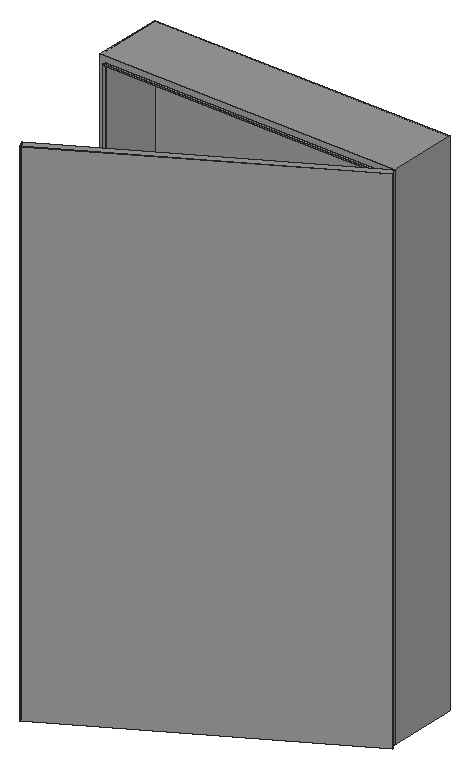
Revit family "Hager-Univers-IP54-D205-H1400-Cl.I-Encl-NoHosted-CH-fr", category Electrical Equipment, Revit 2020
Family settings
  Panel Configuration = Two Columns, Circuits Across
  Round Connector Dimension = Use Diameter
  Part Type = Panelboard
  Work Plane-Based = Yes
  Always vertical = Yes
  Cut with Voids When Loaded = No
  Shared = No
  Room Calculation Point = No
Parameters (values of type "saillie IP54 L800 H1400 P205  - FP93TW2")
  Width Control [instance] = if([EF000008 - largeur] > Min Width, [EF000008 - largeur], Min Width)  # 800 mm
  Type Comments = [HG000003 - Gamme]  # "Univers"
  Thickness Door [instance] = if([EF009171 - épaisseur de matériau de la porte/du couvercle] > 3 mm, 3 mm, [EF009171 - épaisseur de matériau de la porte/du couvercle])  # 1 mm
  Seal Frame Offset [instance] = 17 mm  # constant formula
  Plinth Visibility [instance] = [HG000027 - Hauteur du socle] > 0 mm  # no
  Min Width [instance] = 100 mm  # constant formula
  Min Depth [instance] = (2 * [EF009170 - épaisseur de matériau du boîtier]) + 1 mm  # 3 mm
  Min Height [instance] = 100 mm  # constant formula
  Internal Frame Depth [instance] = (Door System Depth * 0.5)  # 9 mm
  Panel Name [instance] = ""  # (empty or 0)
  Model = ""
  HG000027 - Hauteur du socle = 0 mm
  HG000026 - Installation au sol = no
  HG000024 - Hauteur de la section basse = 600 mm
  HG000023 - Armoire double section = no
  HG000016 - Visibilité de la porte 3D [instance] = yes
  HG000015 - Visibilité de l'emprise de la porte [instance] = no
  HG000014 - Porte à droite [instance] = yes
  HG000013 - Porte à gauche [instance] = not([HG000014 - Porte à droite])  # no
  HG000012 - Angle de pivotement de la porte [instance] = 30.00°
  HG000010 - Portes asymétriques = no
  HG000009 - Porte à double battant = no
  HG000006 - Encastré = no
  HG000004 - Référence fabricant = "FP93TW2"
  HG000003 - Gamme = "Univers"
  HG000002 - avec porte = yes
  Frame Offset Bottom [instance] = 10 mm  # constant formula
  Frame Offset [instance] = 15 mm  # constant formula
  EF015940 - couvercle avec décharge de pression = no
  EF011959 - degré de protection (NEMA) = ""
  EF009554 - nombre d'ouvertures pour plaques à bride = 6
  EF009212 - finition du couvercle = "EV000116 - fermé"
  EF009171 - épaisseur de matériau de la porte/du couvercle = 1 mm
  EF009170 - épaisseur de matériau du boîtier = 1 mm
  EF008873 - courant nominal (In) = 250 A
  EF007800 - adapté à un parafoudre = no
  EF006306 - avec serrure = no
  EF006244 - couvercle/porte transparent(e) = no
  EF005474 - indice de protection (IP) = "EV006419 - IP54"
  EF004464 - type de porte = "EV002646 - unique"
  EF004427 - nombre de modules = 324
  EF004293 - indice de protection contre les chocs (IK) = "EV006815 - IK09"
  EF003532 - convient pour utilisation à l’extérieur = no
  EF002950 - largeur en nombre de modules = 36
  EF001613 - maintien de fonction = "EV000494 - sans"
  EF001596 - matériau du boîtier/corps = "EV000179 - acier"
  EF001131 - profondeur intérieure = 130 mm
  EF001088 - possibilité de montage en saillie = yes
  EF000437 - nombre d'entrées de conduit = 6
  EF000339 - type de capot = "EV001012 - couvercle"
  EF000266 - nombre de rangées = 9
  EF000218 - profondeur d'encastrement = 205 mm
  EF000118 - avec cadre/support de montage = no
  EF000116 - numéro RAL = "9010"
  EF000049 - profondeur = 205 mm
  EF000040 - hauteur = 1400 mm
  EF000008 - largeur = 800 mm
  EF000007 - couleur = "EV000202 - blanc"
  EF000003 - mode de pose = "EV000384 - saillie"
  Door System Leaf Tolerance [instance] = 1.5 mm  # constant formula
  Door System Depth [instance] = 18 mm  # constant formula
  Door Height [instance] = Height Control - [HG000027 - Hauteur du socle]  # 1400 mm
  Description = ""
  Default Elevation = 1219.2 mm
  Connector Offset [instance] = Height Control / 2  # 700 mm
  Manufacturer = "Hager"  # constant formula
  Height Control [instance] = if([EF000040 - hauteur] > Min Height, [EF000040 - hauteur], Min Height)  # 1400 mm
  Depth Control [instance] = if([EF000049 - profondeur] > Min Depth, [EF000049 - profondeur], Min Depth)  # 205 mm
  Bottom Top Plate Trim [instance] = 1.5 mm  # constant formula
  Plinth height Ctrl [instance] = if([HG000027 - Hauteur du socle] > 0 mm, [HG000027 - Hauteur du socle], 12 mm)  # 12 mm
Types (5, lengths in mm): name | Width Control | HG000009 - Porte à double battant | HG000004 - Référence fabricant | EF009554 - nombre d'ouvertures pour plaques à bride | EF004464 - type de porte | EF004427 - nombre de modules | EF002950 - largeur en nombre de modules | EF000437 - nombre d'entrées de conduit | EF000008 - largeur
  saillie IP54 L1050 H1400 P205  - FP94TW2 | 1050 | no | "FP94TW2" | 8 | "EV003602 - double" | 432 | 48 | 8 | 1050
  saillie IP54 L1300 H1400 P205  - FP95TW2 | 1300 | yes | "FP95TW2" | 10 | "EV003602 - double" | 540 | 60 | 10 | 1300
  saillie IP54 L300 H1400 P205  - FP91TW2 | 300 | no | "FP91TW2" | 2 | "EV002646 - unique" | 108 | 12 | 2 | 300
  saillie IP54 L550 H1400 P205  - FP92TW2 | 550 | no | "FP92TW2" | 4 | "EV002646 - unique" | 216 | 24 | 4 | 550
  saillie IP54 L800 H1400 P205  - FP93TW2 | 800 | no | "FP93TW2" | 6 | "EV002646 - unique" | 324 | 36 | 6 | 800
Reference planes
  plane 1 "Center (Front/Back)": y = 0
  plane 2: z = 0
  plane 3 "Center (Left/Right)": x = 0
  plane 4: y = 0
  plane 5: y = 0
  plane 6: z = 0
  plane 7: x = -400
  plane 8: x = 400
  plane 9: x = 399
  plane 10: x = -399
  plane 11: z = 0
  plane 12: z = 1
  plane 13: y = -205
  plane 14: y = -1
  plane 15: x = 0
  plane 16: y = -187
  plane 17: y = -204
  plane 18: y = -186
  plane 19: x = -384
  plane 20: x = 384
  plane 21: z = 11
  plane 22: x = -383
  plane 23: x = 383
  plane 24: z = 0
  plane 25: z = 1400
  plane 26: z = 1400
  plane 27: z = 1384
  plane 28: z = 1399
Forms (mm)
  Extrusion 1, solid, material "Hager_Steel_RAL7035_Light_Grey", detail levels medium+fine
    sketch origin (-208.679, -4572, 0) x (-1, 0, 0) y (0, -1, 0)
      loop
        line (191.321, -4385) -> (-608.679, -4385) -> (-608.679, -4572) -> (191.321, -4572) -> (191.321, -4385)
    from 0 to 1400
  Extrusion 2, void
    sketch origin (-350.771, -205, 1219.2) x (1, 0, 0) y (0, 0, 1)
      loop
        line (-48.229, 179.8) -> (-48.229, -1218.2) -> (749.771, -1218.2) -> (749.771, 179.8) -> (-48.229, 179.8)
    from -19 to -204
  Extrusion 3, void
    sketch origin (-290.084, -187, 1219.2) x (1, 0, 0) y (0, 0, 1)
      loop
        line (-93.916, -1208.2) -> (674.084, -1208.2) -> (674.084, 164.8) -> (-93.916, 164.8) -> (-93.916, -1208.2)
    from 0 to -1
  Extrusion 4, solid, material "Hager_Steel_RAL7035_Light_Grey", visible <- "Plinth Visibility", detail levels medium+fine
    sketch origin (0, 0, 0) x (1, 0, 0) y (0, 1, 0)
      loop
        line (-400, 0) -> (-400, -187) -> (400, -187) -> (400, 0) -> (-400, 0)
    from 0 to 12 <- "Plinth height Ctrl"
  Extrusion 5, solid, material "Hager_Steel_RAL7035_Light_Grey", detail levels coarse
    sketch origin (0, 0, 0) x (1, 0, 0) y (0, 1, 0)
      loop
        line (-400, 0) -> (-400, -205) -> (400, -205) -> (400, 0) -> (-400, 0)
    from 0 to 1400 <- "Height Control"
  Sweep 6, void
    path in 3D
      loop
        line (-400, -187, 12) -> (400, -187, 12) -> (400, 0, 12) -> (-400, 0, 12) -> (-400, -187, 12)
    profile origin (-400, -93.5, 12) x (1, 0, 0) y (0, 0, 1)
      loop
        line (0, 0) -> (0, -1.5) -> (1.5, -1.5)
        arc (1.5, -1.5) -> (1.061, -0.439) -> (0, 0) r 1.5
  Extrusion 7, solid, material "Hager_Steel_RAL7035_Light_Grey", detail levels fine
    sketch origin (-400, -187, 0) x (1, 0, 0) y (0, 0, 1)
      loop
        line (16, 11) -> (784, 11) -> (784, 1384) -> (16, 1384) -> (16, 11)
      loop
        line (15, 10) -> (785, 10) -> (785, 1385) -> (15, 1385) -> (15, 10)
    from 0 to 9 <- "Internal Frame Depth"
Cuts and joins
  Extrusion 2, Extrusion 3 cuts Extrusion 1
  Sweep 6 cuts Extrusion 4
Lines and regions (mm)
  Masking region 1
    outline origin (0, 0, 0) x (1, 0, 0) y (0, 1, 0)
      loop
        line (-400, 0) -> (-400, -205) -> (400, -205) -> (400, 0) -> (-400, 0)
  Masking region 2, detail levels coarse
    outline origin (-290.084, -187, 1219.2) x (-1, 0, 0) y (0, 0, 1)
      loop
        line (-690.084, -1219.2) -> (109.916, -1219.2) -> (109.916, 180.8) -> (-690.084, 180.8) -> (-690.084, -1219.2)
  Masking region 3, detail levels coarse
    outline origin (0, 0, 0) x (0, 1, 0) y (0, 0, 1)
      loop
        line (0, 0) -> (0, 1400) -> (-205, 1400) -> (-205, 0) -> (0, 0)
  Masking region 4, visible <- "Plinth Visibility", detail levels medium+fine
    outline origin (0, 0, 0) x (0, 1, 0) y (0, 0, 1)
      loop
        line (-1.5, 12) -> (-185.5, 12)
        arc (-185.5, 12) -> (-185.939, 10.939) -> (-187, 10.5) r 1.5
        line (-187, 10.5) -> (-187, 0) -> (0, 0) -> (0, 10.5)
        arc (0, 10.5) -> (-1.061, 10.939) -> (-1.5, 12) r 1.5
  Masking region 5, detail levels medium+fine
    outline origin (0, 0, 594.038) x (0, 1, 0) y (0, 0, 1)
      loop
        line (0, -594.038) -> (0, 805.962) -> (-187, 805.962) -> (-187, -594.038) -> (0, -594.038)
  Masking region 6, detail levels medium+fine
    outline origin (-359.7, -187, 1211.883) x (-1, 0, 0) y (0, 0, 1)
      loop
        line (-759.7, -1211.883) -> (40.3, -1211.883) -> (40.3, 188.117) -> (-759.7, 188.117) -> (-759.7, -1211.883)
  Masking region 7, visible <- "Plinth Visibility", detail levels medium+fine
    outline origin (-320.334, -187, 1041.368) x (-1, 0, 0) y (0, 0, 1)
      loop
        line (-720.334, -1041.368) -> (79.666, -1041.368) -> (79.666, -1030.868)
        arc (79.666, -1030.868) -> (78.606, -1030.429) -> (78.166, -1029.368) r 1.5
        line (78.166, -1029.368) -> (-718.834, -1029.368)
        arc (-718.834, -1029.368) -> (-719.273, -1030.429) -> (-720.334, -1030.868) r 1.5
        line (-720.334, -1030.868) -> (-720.334, -1041.368)
  sketch lines
    curve 1: line (-400, 0, 12) -> (-400, -187, 12)
    curve 2: line (-400, -187, 12) -> (400, -187, 12)
    curve 3: line (400, 0, 12) -> (-400, 0, 12)
    curve 4: line (400, -187, 12) -> (400, 0, 12)
Dimensions and locks
  locked: plane 1 "Center (Front/Back)" to plane 5
  "EF009170 - épaisseur de matériau du boîtier": plane 7 to plane 10
  "EF009170 - épaisseur de matériau du boîtier": plane 8 to plane 9
  equal spacing: plane 7, plane 3 "Center (Left/Right)", plane 8
  "Width Control": plane 7 to plane 8
  "Depth Control": plane 4 to plane 13
  "EF009170 - épaisseur de matériau du boîtier": plane 4 to plane 14
  "Height Control": plane 25 to level
  "HG000027 - Hauteur du socle": plane 11 to level
  "EF009170 - épaisseur de matériau du boîtier": plane 12 to plane 11
  "EF009170 - épaisseur de matériau du boîtier": plane 17 to plane 13
  "EF009170 - épaisseur de matériau du boîtier": plane 18 to plane 16
  "Frame Offset Bottom": plane 21 to plane 12
  "Frame Offset": plane 10 to plane 19
  "Frame Offset": plane 9 to plane 20
  "Door System Depth": plane 16 to plane 13
  "Seal Frame Offset": plane 7 to plane 22
  "Seal Frame Offset": plane 8 to plane 23
  "EF009170 - épaisseur de matériau du boîtier": plane 26 to plane 28
  "Frame Offset": plane 28 to plane 27
  "Connector Offset": plane 2 to connector elem
  "Bottom Top Plate Trim": profile plane to Sweep 6 sketch curve
  "Bottom Top Plate Trim": Sweep 6 sketch curve to Sweep 6 sketch curve
  "Plinth height Ctrl": Masking region 4 sketch curve to level
  "Plinth height Ctrl": Masking region 7 sketch curve to level
  "Thickness Door": Extrusion 7 sketch curve to Extrusion 7 sketch curve  (x4)
  "Bottom Top Plate Trim": radius of Sweep 6 sketch curve
  "Bottom Top Plate Trim": radius of Masking region 4 sketch curve  (x2)
  "Bottom Top Plate Trim": radius of Masking region 7 sketch curve  (x2)
  aligned and locked: Extrusion 2 sketch curve to plane 12
  aligned and locked: Extrusion 2 sketch curve to plane 9
  aligned and locked: Extrusion 2 sketch curve to plane 10
  aligned and locked: Extrusion 2 to plane 14
  aligned and locked: Extrusion 1 sketch curve to plane 4
  aligned and locked: plane 8 to Extrusion 1 sketch curve
  aligned and locked: plane 7 to Extrusion 1 sketch curve
  aligned and locked: Extrusion 2 to plane 18
  aligned and locked: Extrusion 3 sketch curve to plane 19
  aligned and locked: plane 20 to Extrusion 3 sketch curve
  aligned and locked: Extrusion 3 to Extrusion 2
  aligned and locked: Extrusion 3 sketch curve to plane 21
  aligned and locked: plane 3 "Center (Left/Right)" to nested 1
  aligned and locked: Extrusion 1 sketch curve to plane 16
  aligned and locked: Extrusion 4 sketch curve to cut or joined group of Extrusion 1, Extrusion 2, Extrusion 3
  aligned and locked: Masking region 1 sketch curve to plane 7
  aligned and locked: Masking region 1 sketch curve to plane 5
  aligned and locked: Masking region 1 sketch curve to plane 8
  aligned and locked: Masking region 2 sketch curve to level
  aligned and locked: level to Masking region 3 sketch curve
  aligned and locked: plane 1 "Center (Front/Back)" to Masking region 3 sketch curve
  aligned and locked: plane 13 to Masking region 3 sketch curve
  aligned and locked: plane 5 to Masking region 4 sketch curve
  aligned and locked: Masking region 2 sketch curve to plane 8
  aligned and locked: Masking region 2 sketch curve to plane 7
  aligned and locked: plane 7 to nested 2
  aligned and locked: nested 2 to plane 5
  aligned and locked: plane 5 to Masking region 5 sketch curve
  aligned and locked: plane 26 to Masking region 5 sketch curve
  aligned and locked: Extrusion 5 sketch curve to plane 8
  aligned and locked: Extrusion 5 sketch curve to plane 7
  aligned and locked: Extrusion 5 sketch curve to plane 5
  aligned and locked: Extrusion 3 sketch curve to plane 27
  aligned and locked: Extrusion 2 sketch curve to plane 28
  aligned and locked: Masking region 2 to plane 25
  aligned and locked: Extrusion 4 to plane 16
  aligned and locked: profile plane to Sweep 6 sketch curve
  aligned and locked: Masking region 5 sketch curve to plane 24
  aligned and locked: level to Masking region 4 sketch curve
  aligned and locked: Masking region 1 to plane 13
  aligned and locked: nested 1 to plane 16
  aligned and locked: Masking region 3 to plane 25
  aligned and locked: plane 16 to Masking region 4 sketch curve
  aligned and locked: Masking region 5 sketch curve to plane 16
  aligned and locked: plane 24 to plane 11
  aligned and locked: plane 26 to plane 25
  aligned and locked: plane 26 to cut or joined group of Extrusion 1, Extrusion 2, Extrusion 3
  aligned and locked: nested 1 to plane 24
  aligned and locked: Extrusion 1 to Extrusion 3
  aligned and locked: Masking region 6 sketch curve to plane 8
  aligned and locked: Masking region 6 sketch curve to plane 24
  aligned and locked: Masking region 6 sketch curve to plane 7
  aligned and locked: Masking region 6 sketch curve to plane 26
  aligned and locked: Masking region 7 sketch curve to plane 7
  aligned and locked: level to Masking region 7 sketch curve
  aligned and locked: Masking region 7 sketch curve to plane 8
  aligned and locked: Extrusion 7 sketch curve to cut or joined group of Extrusion 1, Extrusion 2, Extrusion 3  (x4)
Automatic sketch dimensions
  plane 19 to Extrusion 3 sketch curve = 0 mm
  Extrusion 3 sketch curve to plane 20 = 0 mm
  Extrusion 3 sketch curve to plane 21 = 0 mm
  Extrusion 4 sketch curve to plane 7 = 0 mm
  Extrusion 4 sketch curve to plane 8 = 0 mm
  Extrusion 4 sketch curve to plane 16 = 0 mm
  Masking region 1 sketch curve to plane 13 = 0 mm
  Masking region 2 sketch curve to plane 25 = 0 mm
  Masking region 3 sketch curve to plane 25 = 0 mm
  Extrusion 5 sketch curve to plane 13 = 0 mm
  profile plane to Sweep 6 sketch curve = 0 mm
Nested families
  nested 1: "EC000058_Univers_Door" at (0, -187, 0), Double <- "HG000009 - Porte à double battant", Transparent <- "EF006244 - couvercle/porte transparent(e)", Angle <- "HG000012 - Angle de pivotement de la porte", Door_Right <- "HG000014 - Porte à droite", Assymetrical <- "HG000010 - Portes asymétriques", Door <- "HG000002 - avec porte", Width_Ctrl <- "Width Control", 3d_Door <- "HG000016 - Visibilité de la porte 3D", Clearance <- "HG000015 - Visibilité de l'emprise de la porte", Door_Left <- "HG000013 - Porte à gauche", Width <- "Width Control", Door_Depth <- "Door System Depth", Leaf_Tolerance <- "Door System Leaf Tolerance", Height <- "Door Height", Lock_Visibility <- "EF006306 - avec serrure", Thickness <- "Thickness Door", type "EC000058_Univers_Door", detail levels medium+fine
    with min_wh 3 mm, Width_Ctrl 800 mm, Width 800 mm, Transparent no, Thickness 1 mm, Seal_Material Hager_Rubber, Lock_Visibility no, Lock_Material Hager_Plastic_RAL9005_Jet_Black, Leaf_Width 800 mm, Leaf_Tolerance_External_Sides 0 mm, Leaf_Tolerance 1.5 mm, Leaf_Offset 0 mm, Leaf_Height 1397 mm, Leaf_2_Width 800 mm, Leaf_2_Offset 400 mm, Leaf_1_Width 800 mm, Leaf_1_Offset 400 mm, Height_Ctrl 1400 mm, Height 1400 mm, Glass_Material Hager_Glass, Double_Clearance_Ctrl no, Double no, Door_Right_Ctrl yes, Door_Right yes, Door_Material Hager_Steel_RAL7035_Light_Grey, Door_Left_Ctrl no, Door_Left no, Door_Depth 18 mm, Door yes, Clearance_Material Hager_Clearance, Clearance_Depth 800 mm, Clearance_Ctrl no, Clearance no, Assymetrical no, Angle 30.00°, 3d_Door yes
  nested 2: "Hager_Enclosure_Symbol" at (-400, 0, 0), Height <- "Depth Control", Width <- "Width Control", type "Hager_Enclosure_Symbol"
    with Width_Ctrl 800 mm, Width 800 mm, Height_Ctrl 205 mm, Height 205 mm, A_Width_Int 13.453 mm, A_Width 161.438 mm, A_Height_Ctrl 179.375 mm, A_Height 179.375 mm
Connectors
  electrical at (0, 0, 700)
    settings: on plane 1 "Center (Front/Back)", index 1, voltage 0 V, apparent load 0 VA, apparent load phase1 0 VA, apparent load phase2 0 VA, apparent load phase3 0 VA, power factor 1, load classification "Other", number of poles 1, system type 30, power factor state 1, is connector primary yes, connector utility no, sub classification motor no, connector description ""
Definition of nested family "EC000058_Univers_Door"
  Parameters (values of type "EC000058_Univers_Door")
    min_wh [instance] = (2 * Thickness) + 1 mm  # 11 mm
    Width_Ctrl [instance] = 400 mm
    Width [instance] = 500 mm
    Transparent [instance] = yes
    Thickness [instance] = 5 mm
    Seal_Material [instance] = none
    Lock_Visibility [instance] = yes
    Lock_Material [instance] = none
    Leaf_Width [instance] = if((Width_Ctrl - 2 * Leaf_Tolerance_External_Sides) > 0 mm, (Width_Ctrl - 2 * Leaf_Tolerance_External_Sides), min_wh)  # 400 mm
    Leaf_Tolerance_External_Sides [instance] = 0 mm  # constant formula
    Leaf_Tolerance [instance] = 1.5 mm
    Leaf_Offset [instance] = 0 mm  # constant formula
    Leaf_Height [instance] = if((Height_Ctrl - 2 * Leaf_Tolerance) > 0 mm, (Height_Ctrl - 2 * Leaf_Tolerance), min_wh)  # 497 mm
    Leaf_2_Width [instance] = if(and(and(Double, Assymetrical), Door_Left), (Leaf_Width / 3) - (Leaf_Tolerance / 2), if(and(and(Double, Assymetrical), Door_Right), (Leaf_Width / 3) * 2 - (Leaf_Tolerance / 2), if(and(Double, not(Assymetrical)), (Leaf_Width / 2) - Leaf_Tolerance, Leaf_Width)))  # 400 mm
    Leaf_2_Offset [instance] = if(and(Double, Assymetrical), Leaf_2_Width / 2, if(and(Double, not(Assymetrical)), Leaf_Width / 4, Leaf_Width / 2))  # 200 mm
    Leaf_1_Width [instance] = if(and(and(Double, Assymetrical), Door_Right), (Leaf_Width / 3) - (Leaf_Tolerance / 2), if(and(and(Double, Assymetrical), Door_Left), (Width / 3) * 2 - (Leaf_Tolerance / 2), if(and(Double, not(Assymetrical)), (Leaf_Width / 2) - Leaf_Tolerance, Leaf_Width)))  # 400 mm
    Leaf_1_Offset [instance] = if(and(Double, Assymetrical), Leaf_1_Width / 2, if(and(Double, not(Assymetrical)), Leaf_Width / 4, Leaf_Width / 2))  # 200 mm
    Height_Ctrl [instance] = if(Height > min_wh, Height, min_wh)  # 500 mm
    Height [instance] = 500 mm
    Glass_Material [instance] = none
    Double_Clearance_Ctrl [instance] = and(Double, Clearance)  # no
    Double [instance] = no
    Door_Right_Ctrl [instance] = and(or(Door_Right, Double), Door)  # yes
    Door_Right [instance] = yes
    Door_Material [instance] = none
    Door_Left_Ctrl [instance] = and(or(Door_Left, Double), Door)  # no
    Door_Left [instance] = no
    Door_Depth [instance] = 30 mm
    Door [instance] = yes
    Default Elevation = 1219.2 mm
    Clearance_Material [instance] = none
    Clearance_Depth [instance] = if(Leaf_1_Width > Leaf_2_Width, Leaf_1_Width, Leaf_2_Width)  # 400 mm
    Clearance_Ctrl [instance] = and(not(Double), Clearance)  # yes
    Clearance [instance] = yes
    Assymetrical [instance] = yes
    Angle [instance] = 30.00°
    3d_Door [instance] = yes
  Reference planes
    plane 1 "Center (Front/Back)": y = 0
    plane 2 "Bottom": z = 0
    plane 3 "Center (Left/Right)": x = 0
    plane 4: z = 500
    plane 5: x = -200
    plane 6: x = 200
    plane 7: z = 500
    plane 8: x = -200
    plane 9: z = 0
    plane 10: x = 200
    plane 11: y = 0
    plane 12: z = 1.5
    plane 13: x = -600
    plane 14: y = -400
    plane 15: x = 600
    plane 16: x = 0
    plane 17: x = 0
    plane 18: x = -200
    plane 19: x = 200
    plane 20: z = 498.5
  Forms (mm)
    Extrusion 1, solid, material <- "Clearance_Material", visible <- "Double_Clearance_Ctrl"
      sketch origin (1200, 0, 0) x (1, 0, 0) y (0, 0, -1)
        loop
          line (-1800, -498.5) -> (-600, -498.5) -> (-600, 0) -> (-1800, 0) -> (-1800, -498.5)
      from 0 to -400
  Dimensions and locks
    equal spacing: plane 5, plane 3 "Center (Left/Right)", plane 6
    "Width_Ctrl": plane 5 to plane 6
    "Leaf_Offset": plane 5 to plane 8
    "Leaf_Offset": plane 6 to plane 10
    "Leaf_Offset": plane 9 to level
    "Leaf_Offset": plane 4 to plane 7
    "Height_Ctrl": plane 4 to level
    "Leaf_Tolerance": plane 12 to plane 9
    locked: plane 11 to plane 1 "Center (Front/Back)"
    "Leaf_1_Offset": plane 18 to plane 16
    "Leaf_2_Offset": plane 17 to plane 19
    "Leaf_1_Width": plane 13 to plane 8
    "Leaf_2_Width": plane 10 to plane 15
    "Clearance_Depth": plane 14 to plane 1 "Center (Front/Back)"
    "Leaf_Tolerance_External_Sides": plane 8 to plane 18
    "Leaf_Tolerance_External_Sides": plane 19 to plane 10
    "Leaf_Tolerance": plane 7 to plane 20
    aligned and locked: level to plane 2 "Bottom"
    aligned and locked: nested 1 to plane 16
    aligned and locked: nested 2 to plane 17
    aligned and locked: Extrusion 1 to plane 13
    aligned and locked: plane 15 to Extrusion 1
    aligned and locked: Extrusion 1 to plane 14
    aligned and locked: plane 12 to nested 1
    aligned and locked: nested 2 to plane 12
    aligned and locked: Extrusion 1 to plane 11
    aligned and locked: plane 20 to Extrusion 1
    aligned and locked: nested 2 to plane 11
    aligned and locked: nested 1 to plane 11
  Automatic sketch dimensions
    Extrusion 1 sketch curve to level = 0 mm
    plane 5 to Extrusion 1 sketch curve = 400 mm
    plane 6 to Extrusion 1 sketch curve = 400 mm
    Extrusion 1 sketch curve to plane 4 = 1.5 mm
  Nested families
    nested 1: "EC000058_Univers_Door_Leaf" at (0, 0, 1.5), Width <- "Leaf_1_Width", visible <- "Door_Left_Ctrl", Leaf_Height <- "Leaf_Height", Angle <- "Angle", 3d_Door <- "3d_Door", Transparent <- "Transparent", Clearance Material <- "Clearance_Material", Clearance <- "Clearance_Ctrl", Door_Material <- "Door_Material", Glass_Material <- "Glass_Material", Door_Depth <- "Door_Depth", Lock_Material <- "Lock_Material", Seal_Material <- "Seal_Material", Lock_Visibility <- "Lock_Visibility", Thickness <- "Thickness", type "EC000058_Univers_Door_Leaf"
      with Width 400 mm, Transparent_Glass_Offset 30 mm, Transparent_Ctrl yes, Transparent yes, Thickness 5 mm, Standard no, Seal_Material none, Seal_D2 8 mm, Seal_D1 1 mm, Offset_Internal_Frame 10 mm, Lock_Width 20 mm, Lock_Visibility_3d yes, Lock_Visibility yes, Lock_Thickness_3 3 mm, Lock_Thickness_2 1 mm, Lock_Thickness_1 3 mm, Lock_Radius_Offset_2 16 mm, Lock_Radius_Offset_1 15 mm, Lock_Radius_2 5 mm, Lock_Radius 6 mm, Lock_Offset 5 mm, Lock_Material none, Lock_Height 80 mm, Lock_Cover_Top_Offset_2d 17 mm, Lock_Cover_Height -65 mm, Leaf_Height 497 mm, Internal_Seal_Thickness 8 mm, Internal_Seal_Depth_2 4.5 mm, Internal_Frame_Depth 25 mm, Glass_Thickness -1 mm, Glass_Offset -2 mm, Glass_Material none, Door_Material none, Door_Depth 30 mm, Clearance Material none, Clearance yes, Angle_Ctrl 30.00°, Angle 30.00°, 3d_Door yes
    nested 2: "EC000058_Univers_Door_Leaf" at (0, 0, 1.5) x (-1, 0, 0) z (0, 0, 1), Width <- "Leaf_2_Width", visible <- "Door_Right_Ctrl", Leaf_Height <- "Leaf_Height", Angle <- "Angle", 3d_Door <- "3d_Door", Transparent <- "Transparent", Clearance Material <- "Clearance_Material", Clearance <- "Clearance_Ctrl", Door_Material <- "Door_Material", Glass_Material <- "Glass_Material", Door_Depth <- "Door_Depth", Lock_Material <- "Lock_Material", Seal_Material <- "Seal_Material", Lock_Visibility <- "Lock_Visibility", Thickness <- "Thickness", type "EC000058_Univers_Door_Leaf"
      with Width 400 mm, Transparent_Glass_Offset 30 mm, Transparent_Ctrl yes, Transparent yes, Thickness 5 mm, Standard no, Seal_Material none, Seal_D2 8 mm, Seal_D1 1 mm, Offset_Internal_Frame 10 mm, Lock_Width 20 mm, Lock_Visibility_3d yes, Lock_Visibility yes, Lock_Thickness_3 3 mm, Lock_Thickness_2 1 mm, Lock_Thickness_1 3 mm, Lock_Radius_Offset_2 16 mm, Lock_Radius_Offset_1 15 mm, Lock_Radius_2 5 mm, Lock_Radius 6 mm, Lock_Offset 5 mm, Lock_Material none, Lock_Height 80 mm, Lock_Cover_Top_Offset_2d 17 mm, Lock_Cover_Height -65 mm, Leaf_Height 497 mm, Internal_Seal_Thickness 8 mm, Internal_Seal_Depth_2 4.5 mm, Internal_Frame_Depth 25 mm, Glass_Thickness -1 mm, Glass_Offset -2 mm, Glass_Material none, Door_Material none, Door_Depth 30 mm, Clearance Material none, Clearance yes, Angle_Ctrl 30.00°, Angle 30.00°, 3d_Door yes
  Definition of nested family "EC000058_Univers_Door_Leaf"
    Parameters (values of type "EC000058_Univers_Door_Leaf")
      Width [instance] = 2000 mm
      Transparent_Glass_Offset [instance] = 30 mm
      Transparent_Ctrl [instance] = and(Transparent, [3d_Door])  # yes
      Transparent [instance] = yes
      Thickness [instance] = 5 mm
      Standard [instance] = and(not(Transparent), [3d_Door])  # no
      Seal_Material [instance] = none
      Seal_D2 [instance] = 8 mm  # constant formula
      Seal_D1 [instance] = 1 mm  # constant formula
      Offset_Internal_Frame [instance] = 10 mm  # constant formula
      Lock_Width [instance] = 20 mm  # constant formula
      Lock_Visibility_3d [instance] = and(Lock_Visibility, [3d_Door])  # yes
      Lock_Visibility [instance] = yes
      Lock_Thickness_3 [instance] = 3 mm  # constant formula
      Lock_Thickness_2 [instance] = 1 mm  # constant formula
      Lock_Thickness_1 [instance] = 3 mm  # constant formula
      Lock_Radius_Offset_2 [instance] = Lock_Radius_Offset_1 + 1 mm  # 16 mm
      Lock_Radius_Offset_1 [instance] = 15 mm  # constant formula
      Lock_Radius_2 [instance] = Lock_Radius - 1 mm  # 5 mm
      Lock_Radius [instance] = 6 mm  # constant formula
      Lock_Offset [instance] = 5 mm  # constant formula
      Lock_Material [instance] = none
      Lock_Height [instance] = 80 mm  # constant formula
      Lock_Cover_Top_Offset_2d [instance] = Lock_Radius_Offset_2 + 1 mm  # 17 mm
      Lock_Cover_Height [instance] = -(Lock_Height - Lock_Radius_Offset_1)  # -65 mm
      Leaf_Height [instance] = 2720.336 mm
      Internal_Seal_Thickness [instance] = 8 mm  # constant formula
      Internal_Seal_Depth_2 [instance] = 4.5 mm  # constant formula
      Internal_Frame_Depth [instance] = if(Door_Depth - Thickness > 5 mm, Door_Depth - Thickness, 5 mm)  # 25 mm
      Glass_Thickness [instance] = if(Thickness > 15 mm, Glass_Offset + 10 mm, -1 mm)  # -1 mm
      Glass_Offset [instance] = if(Thickness > 15 mm, -(Thickness + 10 mm) / 2, -2 mm)  # -2 mm
      Glass_Material [instance] = none
      Door_Material [instance] = none
      Door_Depth [instance] = 30 mm
      Default Elevation = 0 mm
      Clearance Material [instance] = none
      Clearance [instance] = yes
      Angle_Ctrl [instance] = if(Angle > 180.00°, 180.00°, Angle)  # 90.00°
      Angle [instance] = 90.00°
      3d_Door [instance] = yes
    Reference planes
      plane 1 "Center (Front/Back)": y = 0
      plane 2: z = 0
      plane 3 "Center (Left/Right)": x = 0
      plane 4: y = 2000
      plane 5: x = -1000
      plane 6: x = 1000
      plane 7: x = -3000
      plane 8: z = 2720.336
      plane 9: z = 30
      plane 10: z = 2690.336
      plane 11: x = 970
      plane 12: x = -970
      plane 13: y = -3
      plane 14: z = 107.833
      plane 15: y = -5
      plane 16: y = -223.314
      plane 17: x = -1000
      plane 18: z = 1360.168
      plane 19: y = 30
    Forms (mm)
      Extrusion 1, solid, material <- "Clearance Material", visible <- "Clearance"
        sketch origin (0, 0, 0) x (1, 0, 0) y (0, 0, 1)
          loop
            line (-3000, 2720.336) -> (-3000, 0) -> (1000, 0) -> (1000, 2720.336) -> (-3000, 2720.336)
        from 0 to -2000
      Extrusion 2, solid, material <- "Door_Material", visible <- "Standard", detail levels medium+fine
        sketch origin (-1000, 0, 0) x (0, 1, 0) y (-1, 0, 0)
          loop
            line (0, 30) -> (0, 25) -> (2000, 25) -> (2000, 30) -> (0, 30)
        from 0 to 2720.336 <- "Leaf_Height"
      Extrusion 3, solid, material <- "Door_Material", visible <- "Transparent_Ctrl", detail levels medium+fine
        sketch origin (-1000, 0, 0) x (0, 1, 0) y (-1, 0, 0)
          loop
            line (0, 25) -> (2000, 25) -> (2000, 30) -> (0, 30) -> (0, 25)
        from 0 to 2720.336 <- "Leaf_Height"
      Extrusion 4, void
        sketch origin (-1025, 2000, 0) x (0, 1, 0) y (0, 0, -1)
          loop
            line (-30, -2690.336) -> (-30, -30) -> (-1970, -30) -> (-1970, -2690.336) -> (-30, -2690.336)
        from 0 to 5 <- "Thickness"
      Sweep 5, solid, material <- "Seal_Material", visible <- "Transparent_Ctrl", detail levels fine
        path in 3D
          loop
            line (-1025, 30, 30) -> (-1025, 30, 2690.336) -> (-1025, 1970, 2690.336) -> (-1025, 1970, 30) -> (-1025, 30, 30)
        profile origin (-1025, 1000, 30) x (1, 0, 0) y (0, 0, 1)
          loop
            line (0, 0) -> (0, -8) -> (1, -8) -> (1, 0) -> (0, 0)
      Extrusion 6, solid, material <- "Glass_Material", visible <- "Transparent_Ctrl", detail levels medium+fine
        sketch origin (-1030, 0, 0) x (0, 1, 0) y (0, 0, -1)
          loop
            line (1970, -2690.336) -> (1970, -30) -> (30, -30) -> (30, -2690.336) -> (1970, -2690.336)
        from -2 <- "Glass_Offset" to -1 <- "Glass_Thickness"
      Extrusion 7, solid, material <- "Door_Material", visible <- "3d_Door", detail levels medium+fine
        sketch origin (-1025, 2000, 0) x (0, -1, 0) y (0, 0, -1)
          loop
            line (0, -2720.336) -> (2000, -2720.336) -> (2000, 0) -> (0, 0) -> (0, -2720.336)
          loop
            line (1995, -5) -> (5, -5) -> (5, -2715.336) -> (1995, -2715.336) -> (1995, -5)
        from 0 to 25 <- "Internal_Frame_Depth"
      Sweep 8, solid, material <- "Seal_Material", visible <- "Transparent_Ctrl", detail levels fine
        path in 3D
          loop
            line (-1025, 0, 0) -> (-1025, 2000, 0) -> (-1025, 2000, 2720.336) -> (-1025, 0, 2720.336) -> (-1025, 0, 0)
        profile origin (-1025, 0, 1360.168) x (1, 0, 0) y (0, 1, 0)
          loop
            line (0, 10) -> (2.975, 10)
            arc (2.975, 10) -> (4.053, 10.447) -> (4.5, 11.525) r 1.525
            line (4.5, 11.525) -> (4.5, 16.527)
            arc (4.5, 16.527) -> (4.069, 17.569) -> (3.027, 18) r 1.473
            line (3.027, 18) -> (0, 18) -> (0, 10)
      Extrusion 9, solid, material <- "Lock_Material", visible <- "Lock_Visibility_3d", detail levels fine
        sketch origin (-1030, 0, 0) x (0, 1, 0) y (0, 0, -1)
          loop
            arc (1993.5, -1400.168) -> (1994.561, -1399.729) -> (1995, -1398.668) r 1.5
            line (1995, -1398.668) -> (1995, -1320.168) -> (1975, -1320.168) -> (1975, -1398.668)
            arc (1975, -1398.668) -> (1975.439, -1399.729) -> (1976.5, -1400.168) r 1.5
            line (1976.5, -1400.168) -> (1993.5, -1400.168)
        from 3 <- "Lock_Thickness_1" to 0
      Blend 10, solid, material <- "Lock_Material", visible <- "Lock_Visibility_3d", detail levels fine
        base sketch origin (-1033, 0, 0) x (0, 1, 0) y (0, 0, -1)
          loop
            line (1975, -1320.168) -> (1975, -1398.668)
            arc (1975, -1398.668) -> (1975.439, -1399.729) -> (1976.5, -1400.168) r 1.5
            line (1976.5, -1400.168) -> (1993.5, -1400.168)
            arc (1993.5, -1400.168) -> (1994.561, -1399.729) -> (1995, -1398.668) r 1.5
            line (1995, -1398.668) -> (1995, -1320.168) -> (1975, -1320.168)
        top sketch origin (-1033, 0, 0) x (0, 1, 0) y (0, 0, -1)
          loop
            line (1976, -1320.168) -> (1976, -1398.668)
            arc (1976, -1398.668) -> (1976.146, -1399.022) -> (1976.5, -1399.168) r 0.5
            line (1976.5, -1399.168) -> (1993.5, -1399.168)
            arc (1993.5, -1399.168) -> (1993.854, -1399.022) -> (1994, -1398.668) r 0.5
            line (1994, -1398.668) -> (1994, -1320.168) -> (1976, -1320.168)
        from 0 to 1 <- "Lock_Thickness_2"
      Blend 11, solid, material <- "Lock_Material", visible <- "Lock_Visibility_3d", detail levels fine
        base sketch origin (-1034, 0, 0) x (0, 1, 0) y (0, 0, -1)
          loop
            line (1978, -1320.168) -> (1978, -1384.168)
            arc (1978, -1384.168) -> (1985, -1391.168) -> (1992, -1384.168) r 7
            line (1992, -1384.168) -> (1992, -1320.168) -> (1978, -1320.168)
        top sketch origin (-1034, 0, 0) x (0, 1, 0) y (0, 0, -1)
          loop
            line (1991, -1320.168) -> (1979, -1320.168) -> (1979, -1383.168)
            arc (1979, -1383.168) -> (1985, -1389.168) -> (1991, -1383.168) r 6
            line (1991, -1383.168) -> (1991, -1320.168)
        from 0 to 3 <- "Lock_Thickness_3"
      Extrusion 12, solid, material <- "Lock_Material", visible <- "Lock_Visibility_3d", detail levels fine
        sketch origin (-1030, 1975, 1320.168) x (1, 0, 0) y (0, -1, 0)
          loop
            line (-7, -19) -> (-7, -1) -> (0, -1) -> (0, 0) -> (-8, 0) -> (-8, -20) -> (0, -20) -> (0, -19) -> (-7, -19)
        from 0 to -65 <- "Lock_Cover_Height"
      Extrusion 13, void
        sketch origin (-1038, 1995, 1320.168) x (-1, 0, 0) y (0, 0, -1)
          loop
            line (-5, -65) -> (0, -65) -> (-5, -60) -> (-5, -65)
        from 0 to 20 <- "Lock_Width"
      Extrusion 14, void
        sketch origin (-1038, 1975, 1320.168) x (0, -1, 0) y (0, 0, -1)
          loop
            circle (-10, -15.995) r 6
          loop
            circle (-10, -15.995) r 5
        from 0 to 2
      Extrusion 15, solid, material <- "Lock_Material", visible <- "Lock_Visibility_3d", detail levels medium
        sketch origin (-1030, 0, 0) x (0, 1, 0) y (0, 0, -1)
          loop
            arc (1993.5, -1400.168) -> (1994.561, -1399.729) -> (1995, -1398.668) r 1.5
            line (1995, -1398.668) -> (1995, -1320.168) -> (1975, -1320.168) -> (1975, -1398.668)
            arc (1975, -1398.668) -> (1975.439, -1399.729) -> (1976.5, -1400.168) r 1.5
            line (1976.5, -1400.168) -> (1993.5, -1400.168)
        from 8 to 0
    Cuts and joins
      Extrusion 4 cuts Extrusion 3
      Extrusion 13, Extrusion 14 cuts Extrusion 9
      Extrusion 14 cuts Blend 11
      Extrusion 13, Extrusion 14 cuts Extrusion 12
      joined: Extrusion 9, Blend 10, Blend 11, Extrusion 12
      Extrusion 14 cuts Extrusion 15
    Lines and regions (mm)
      Masking region 1, visible <- "Lock_Visibility", detail levels fine
        outline origin (0, 0, 0) x (0, 1, 0) y (0, 0, 1)
          loop
            line (30, 1320.168) -> (33, 1320.168) -> (33, 1400.168) -> (30, 1400.168) -> (30, 1320.168)
      Masking region 2, visible <- "Lock_Visibility", detail levels fine
        outline origin (0, 3.143, 0) x (0, 1, 0) y (0, 0, 1)
          loop
            line (29.857, 1354.168) -> (30.857, 1354.168) -> (30.857, 1366.168) -> (29.857, 1366.168) -> (29.857, 1354.168)
      Masking region 3, detail levels medium+fine
        outline origin (0, 0, 0) x (0, 1, 0) y (0, 0, 1)
          loop
            line (0, 0) -> (30, 0) -> (30, 2720.336) -> (0, 2720.336) -> (0, 0)
      Masking region 4, detail levels medium+fine
        outline origin (0, 0, 0) x (1, 0, 0) y (0, 0, 1)
          loop
            line (-1000, 2720.336) -> (-1000, 0) -> (1000, 0) -> (1000, 2720.336) -> (-1000, 2720.336)
      Masking region 5, visible <- "Lock_Visibility", detail levels fine
        outline origin (-47.116, 0, 0) x (1, 0, 0) y (0, 0, 1)
          loop
            arc (1024.616, 1399.168) -> (1023.556, 1398.729) -> (1023.116, 1397.668) r 1.5
            line (1023.116, 1397.668) -> (1023.116, 1320.168) -> (1041.116, 1320.168) -> (1041.116, 1397.668)
            arc (1041.116, 1397.668) -> (1040.677, 1398.729) -> (1039.616, 1399.168) r 1.5
            line (1039.616, 1399.168) -> (1024.616, 1399.168)
      Masking region 6, visible <- "Lock_Visibility", detail levels medium+fine
        outline origin (-25, 0, 0) x (1, 0, 0) y (0, 0, 1)
          loop
            arc (1001.5, 1400.168) -> (1000.439, 1399.729) -> (1000, 1398.668) r 1.5
            line (1000, 1398.668) -> (1000, 1320.168) -> (1020, 1320.168) -> (1020, 1398.668)
            arc (1020, 1398.668) -> (1019.561, 1399.729) -> (1018.5, 1400.168) r 1.5
            line (1018.5, 1400.168) -> (1001.5, 1400.168)
      Masking region 7, visible <- "Lock_Visibility", detail levels fine
        outline origin (-73.735, 0, 0) x (1, 0, 0) y (0, 0, 1)
          loop
            line (1051.735, 1382.168) -> (1065.735, 1382.168) -> (1065.735, 1384.168)
            arc (1065.735, 1384.168) -> (1058.735, 1391.168) -> (1051.735, 1384.168) r 7
            line (1051.735, 1384.168) -> (1051.735, 1382.168)
      Masking region 8, visible <- "Lock_Visibility", detail levels fine
        outline origin (-73.735, 0, 0) x (1, 0, 0) y (0, 0, 1)
          loop
            line (1052.735, 1382.168) -> (1064.735, 1382.168) -> (1064.735, 1383.168)
            arc (1064.735, 1383.168) -> (1058.735, 1389.168) -> (1052.735, 1383.168) r 6
            line (1052.735, 1383.168) -> (1052.735, 1382.168)
      Masking region 9, visible <- "Lock_Visibility", detail levels fine
        outline origin (-25, 0, 0) x (1, 0, 0) y (0, 0, 1)
          loop
            line (1020, 1320.168) -> (1020, 1382.168) -> (1000, 1382.168) -> (1000, 1320.168) -> (1020, 1320.168)
      Masking region 10, detail levels medium+fine
        outline origin (0, 0, 0) x (1, 0, 0) y (0, 0, 1)
          loop
            circle (985, 1335.144) r 6
      Masking region 11, detail levels fine
        outline origin (0, 0, 0) x (1, 0, 0) y (0, 0, 1)
          loop
            circle (985, 1335.144) r 5
      Masking region 12, visible <- "Lock_Visibility", detail levels fine
        outline origin (0, 12.767, 0) x (0, 1, 0) y (0, 0, 1)
          loop
            line (20.233, 1320.168) -> (21.233, 1320.168) -> (21.233, 1399.168) -> (20.233, 1400.168) -> (20.233, 1320.168)
      Masking region 13, visible <- "Lock_Visibility", detail levels fine
        outline origin (0, 13.767, -10) x (0, 1, 0) y (0, 0, 1)
          loop
            line (20.233, 1330.168) -> (23.233, 1330.168) -> (23.233, 1399.168) -> (20.233, 1402.168) -> (20.233, 1330.168)
      Masking region 14, visible <- "Lock_Visibility", detail levels fine
        outline origin (0, 12.767, -10) x (0, 1, 0) y (0, 0, 1)
          loop
            line (20.233, 1330.168) -> (25.233, 1330.168) -> (25.233, 1399.305) -> (20.233, 1394.305) -> (20.233, 1330.168)
      Masking region 15, visible <- "Lock_Visibility", detail levels medium
        outline origin (0, 0, 0) x (0, 1, 0) y (0, 0, 1)
          loop
            line (30, 1320.168) -> (38, 1320.168) -> (38, 1400.168) -> (30, 1400.168) -> (30, 1320.168)
      Masking region 16, visible <- "Lock_Visibility", detail levels fine
        outline origin (-1000, 0, 0) x (0, 1, 0) y (-1, 0, 0)
          loop
            line (1975, 30) -> (1995, 30) -> (1995, 38) -> (1975, 38) -> (1975, 30)
          loop
            line (1979, 37) -> (1976, 37) -> (1976, 34) -> (1978, 34) -> (1979, 37)
          loop
            line (1994, 37) -> (1991, 37) -> (1992, 34) -> (1994, 34) -> (1994, 37)
      Masking region 17, visible <- "Lock_Visibility", detail levels medium
        outline origin (-1000, 0, 0) x (0, 1, 0) y (-1, 0, 0)
          loop
            line (1975, 30) -> (1995, 30) -> (1995, 38) -> (1975, 38) -> (1975, 30)
      symbolic lines
        curve 1: line (1000, 0, 0) -> (-3000, 0, 0)
        curve 2: arc (1000, 0, 0) -> (-1000, 2000, 0) -> (-3000, 0, 0) r 2000
        curve 4: line (-1030, 0, 0) -> (-1030, 2000, 0)
      reference lines
        curve 3: line (-1000, 0, 0) -> (-1000, 2000, 0)
      symbolic lines, detail levels medium+fine
        curve 5: line (-1030, 2000, 0) -> (-1025, 2000, 0)
        curve 7: line (-1025, 0, 0) -> (-1030, 0, 0)
        curve 8: line (-1025, 0, 0) -> (-1000, 0, 0)
        curve 9: line (-1000, 0, 0) -> (-1000, 2000, 0)
        curve 10: line (-1000, 2000, 0) -> (-1025, 2000, 0)
      symbolic lines, detail levels fine
        curve 6: line (-1025, 2000, 0) -> (-1025, 0, 0)
      sketch lines
        curve 11: line (-1025, 0, 2720.336) -> (-1025, 0, 0)
        curve 12: line (-1025, 2000, 0) -> (-1025, 0, 0)
        curve 13: line (-1025, 2000, 2720.336) -> (-1025, 2000, 0)
        curve 14: line (-1025, 0, 2720.336) -> (-1025, 2000, 2720.336)
        curve 15: line (-1025, 1970, 30) -> (-1025, 30, 30)
        curve 16: line (-1025, 30, 30) -> (-1025, 30, 2690.336)
        curve 17: line (-1025, 1970, 2690.336) -> (-1025, 1970, 30)
        curve 18: line (-1025, 30, 2690.336) -> (-1025, 1970, 2690.336)
      symbolic lines, visible <- "Transparent", detail levels medium+fine
        curve 19: line (-970, 0, 2690.336) -> (970, 0, 2690.336)
        curve 20: line (-970, 0, 30) -> (-970, 0, 2690.336)
        curve 21: line (970, 0, 30) -> (-970, 0, 30)
        curve 22: line (970, 0, 2690.336) -> (970, 0, 30)
    Dimensions and locks
      "Width": plane 1 "Center (Front/Back)" to plane 4
      equal spacing: plane 5, plane 3 "Center (Left/Right)", plane 6
      "Width": plane 5 to plane 6
      "Width": plane 7 to plane 5
      "Leaf_Height": plane 8 to level
      "Width": curve 5 to curve 3
      "Width": curve 3 to curve 3
      plane 8 to plane 10 = 30 mm
      plane 9 to level = 30 mm
      plane 12 to plane 5 = 30 mm
      plane 6 to plane 11 = 30 mm
      Extrusion 1 to Extrusion 4 sketch curve = 30 mm
      "Transparent_Glass_Offset": curve 3 to Extrusion 4 sketch curve
      "Transparent_Glass_Offset": Extrusion 4 sketch curve to cut or joined group of Extrusion 3, Extrusion 4  (x2)
      cut or joined group of Extrusion 3, Extrusion 4 to Extrusion 6 sketch curve = 30 mm
      "Transparent_Glass_Offset": cut or joined group of Extrusion 3, Extrusion 4 to Extrusion 4 sketch curve
      "Thickness": curve 6 to curve 4
      "Thickness": Extrusion 7 sketch curve to Extrusion 7 sketch curve  (x4)
      "Door_Depth": curve 4 to curve 3
      "Offset_Internal_Frame": profile plane to Sweep 8 sketch curve
      "Internal_Seal_Thickness": Sweep 8 sketch curve to Sweep 8 sketch curve
      "Internal_Seal_Depth_2": profile plane to Sweep 8 sketch curve
      "Seal_D1": profile plane to Sweep 5 sketch curve
      "Seal_D2": profile plane to Sweep 5 sketch curve
      "Thickness": Extrusion 2 sketch curve to Extrusion 2 sketch curve
      equal spacing: Extrusion 9 sketch curve, plane 18, Extrusion 9 sketch curve  (x2)
      equal spacing: Masking region 1 sketch curve, plane 18, Masking region 1 sketch curve
      "Lock_Height": Masking region 1 sketch curve to Masking region 1 sketch curve
      "Lock_Radius": Masking region 2 sketch curve to plane 18 to Masking region 2 sketch curve
      Masking region 2 sketch curve to Masking region 1 = 1 mm
      "Door_Depth": plane 19 to plane 1 "Center (Front/Back)"
      "Lock_Thickness_1": Masking region 1 sketch curve to plane 19
      "Lock_Width": Extrusion 9 sketch curve to Extrusion 9 sketch curve
      "Lock_Height": Extrusion 9 sketch curve to Extrusion 9 sketch curve
      "Lock_Offset": cut or joined group of Extrusion 3, Extrusion 4 to Extrusion 9 sketch curve
      equal spacing: plane 8, plane 18, level
      "Lock_Radius_Offset_1": Blend 11 sketch curve to Blend 10
      locked: Blend 10 to Blend 11 sketch curve at 2  (x2)
      locked: var sketch to Blend 11 sketch curve at 1  (x2)
      "Lock_Radius_Offset_2": Blend 11 sketch curve to Blend 10
      locked: Extrusion 12 sketch curve to Extrusion 12 sketch curve at 1  (x3)
      Masking region 6 sketch curve to Masking region 6 sketch curve = 80 mm
      "Lock_Height": Masking region 6 sketch curve to Masking region 6 sketch curve
      "Lock_Width": Masking region 6 sketch curve to Masking region 6 sketch curve
      locked: Masking region 6 to Masking region 5 sketch curve at 1  (x3)
      locked: Masking region 5 to Masking region 7 sketch curve at 2  (x2)
      "Lock_Radius_Offset_1": Masking region 5 to Masking region 7 sketch curve
      "Lock_Radius_Offset_2": Masking region 5 to Masking region 8 sketch curve
      locked: Masking region 7 to Masking region 8 sketch curve at 1  (x2)
      "Lock_Cover_Top_Offset_2d": Masking region 5 to Masking region 9 sketch curve
      equal spacing: Masking region 9, Masking region 10 sketch curve, Masking region 9
      equal spacing: Masking region 9, Masking region 11 sketch curve, Masking region 9
      Extrusion 15 sketch curve to Extrusion 15 sketch curve = 80 mm
      "Lock_Width": Extrusion 15 sketch curve to Extrusion 15 sketch curve
      "Lock_Height": Extrusion 15 sketch curve to Extrusion 15 sketch curve
      equal spacing: Extrusion 15 sketch curve, plane 18, Extrusion 15 sketch curve
      "Lock_Thickness_3": Masking region 13 sketch curve to Masking region 13 sketch curve
      "Lock_Height": Masking region 12 sketch curve to Masking region 12 sketch curve
      locked: Masking region 13 sketch curve to Masking region 1 at 8
      locked: Masking region 14 sketch curve to Masking region 13 at 1
      locked: Masking region 14 sketch curve to Masking region 1 at 10.863
      "Lock_Height": Masking region 15 sketch curve to Masking region 15 sketch curve
      "Lock_Offset": Extrusion 15 sketch curve to cut or joined group of Extrusion 3, Extrusion 4
      "Lock_Offset": plane 6 to Masking region 6 sketch curve
      radius of Sweep 8 sketch curve = 1.525 mm
      radius of Sweep 8 sketch curve = 1.473 mm
      radius of Extrusion 9 sketch curve = 1.5 mm  (x2)
      "Lock_Radius": radius of Extrusion 14 sketch curve
      "Lock_Radius_2": radius of Extrusion 14 sketch curve
      "Lock_Radius": radius of Masking region 10 sketch curve
      "Lock_Radius_2": radius of Masking region 11 sketch curve
      radius of Extrusion 15 sketch curve = 1.5 mm  (x2)
      "Angle_Ctrl": angle plane 1 "Center (Front/Back)" to curve 3
      locked: Masking region 12 sketch curve to Masking region 12 sketch curve (angle 45.00°)
      locked: Masking region 13 sketch curve to Masking region 13 sketch curve (angle 45.00°)
      locked: Masking region 14 sketch curve to Masking region 14 sketch curve (angle 45.00°)
      aligned and locked: level to plane 2
      aligned and locked: Extrusion 1 to curve 1
      aligned and locked: plane 6 to Extrusion 1
      aligned and locked: Extrusion 1 to plane 1 "Center (Front/Back)"
      aligned and locked: plane 4 to Extrusion 1
      aligned and locked: plane 8 to Extrusion 1
      aligned and locked: curve 7 to Extrusion 2 sketch curve
      aligned and locked: curve 5 to Extrusion 2 sketch curve
      aligned and locked: curve 7 to Extrusion 3 sketch curve
      aligned and locked: Extrusion 3 sketch curve to curve 4
      aligned and locked: Extrusion 3 sketch curve to curve 6
      aligned and locked: Extrusion 3 sketch curve to curve 5
      aligned and locked: curve 9 to curve 3
      aligned and locked: Extrusion 7 sketch curve to cut or joined group of Extrusion 3, Extrusion 4  (x4)
      aligned and locked: plane 17 to curve 3
      aligned and locked: plane 1 "Center (Front/Back)" to curve 3
      aligned and locked: plane 17 to plane 5
      aligned and locked: Sweep 8 sketch curve to profile plane
      aligned and locked: Sweep 5 sketch curve to profile plane  (x2)
      aligned and locked: Masking region 1 to Masking region 2 sketch curve
      aligned and locked: plane 19 to Masking region 1 sketch curve
      aligned and locked: plane 1 "Center (Front/Back)" to Masking region 3 sketch curve
      aligned and locked: plane 19 to Masking region 3 sketch curve
      aligned and locked: level to Masking region 3 sketch curve
      aligned and locked: Masking region 3 sketch curve to plane 8
      aligned and locked: plane 17 to Masking region 4 sketch curve
      aligned and locked: level to Masking region 4 sketch curve
      aligned and locked: Masking region 4 sketch curve to plane 8
      aligned and locked: plane 12 to curve 20
      aligned and locked: plane 10 to curve 19
      aligned and locked: plane 11 to curve 22
      aligned and locked: curve 21 to plane 9
      aligned and locked: Extrusion 2 sketch curve to cut or joined group of Extrusion 3, Extrusion 4
      aligned and locked: Blend 10 sketch curve to Extrusion 9  (x4)
      aligned and locked: Extrusion 9 to Blend 10 sketch curve
      aligned and locked: Blend 10 to Blend 11 sketch curve
      aligned and locked: Extrusion 12 sketch curve to Blend 11
      aligned and locked: Extrusion 12 sketch curve to Extrusion 9  (x4)
      aligned and locked: Masking region 5 sketch curve to Masking region 6
      aligned and locked: Masking region 9 sketch curve to Masking region 6  (x3)
      aligned and locked: Masking region 12 sketch curve to Masking region 1
      aligned and locked: Masking region 13 sketch curve to Masking region 1
      aligned and locked: Masking region 12 to Masking region 14
      aligned and locked: Masking region 14 sketch curve to Masking region 1
      aligned and locked: Masking region 15 sketch curve to Masking region 14
      aligned and locked: Masking region 13 sketch curve to Masking region 12
      aligned and locked: Masking region 16 sketch curve to cut or joined group of Extrusion 14, Extrusion 15  (x4)
      aligned and locked: Masking region 16 sketch curve to cut or joined group of Extrusion 9, Blend 10, Blend 11, Extrusion 12, Extrusion 13, Extrusion 14  (x6)
      aligned and locked: cut or joined group of Extrusion 9, Blend 10, Blend 11, Extrusion 12, Extrusion 13, Extrusion 14 to Masking region 16 sketch curve
      aligned and locked: Masking region 17 sketch curve to cut or joined group of Extrusion 14, Extrusion 15  (x3)
      aligned and locked: Masking region 17 sketch curve to cut or joined group of Extrusion 9, Blend 10, Blend 11, Extrusion 12, Extrusion 13, Extrusion 14
      aligned and locked: Masking region 9 to Masking region 8 sketch curve
      aligned and locked: Masking region 9 to Masking region 7 sketch curve
    Automatic sketch dimensions
      plane 1 "Center (Front/Back)" to curve 2 = 0 mm
      curve 2 to plane 5 = 0 mm
      Extrusion 1 sketch curve to level = 0 mm
      Extrusion 1 sketch curve to plane 7 = 0 mm
      Extrusion 1 sketch curve to plane 6 = 0 mm
      Extrusion 1 sketch curve to plane 8 = 0 mm
      Extrusion 3 to Extrusion 6 sketch curve = 30 mm  (x4)
      Masking region 4 sketch curve to plane 6 = 0 mm
      Blend 10 sketch curve to Extrusion 9 = 1.5 mm
      Blend 10 sketch curve to Extrusion 9 = 1 mm
      Extrusion 13 sketch curve to Extrusion 12 = 0 mm  (x2)
      Extrusion 12 to Extrusion 13 sketch curve = 3 mm
      Extrusion 13 sketch curve to Extrusion 12 = 5 mm
      Extrusion 14 sketch curve to Extrusion 14 sketch curve = 0 mm  (x2)
      Extrusion 14 sketch curve to Extrusion 12 = 10 mm
      Extrusion 14 sketch curve to Extrusion 12 = 15.995 mm
      Masking region 5 sketch curve to Masking region 5 sketch curve = 1.5 mm  (x2)
      Masking region 10 sketch curve to plane 18 = 25.024 mm
      Masking region 11 sketch curve to plane 18 = 25.024 mm
      plane 19 to Masking region 14 sketch curve = 3 mm
      Masking region 16 sketch curve to Masking region 16 sketch curve = 3 mm
      curve 4 to curve 3 = 0 mm
      Blend 10 to Blend 11 sketch curve = 0 mm
      Masking region 6 sketch curve to Masking region 6 sketch curve = 1.5 mm  (x2)
      Masking region 6 sketch curve to plane 18 = 40 mm
      plane 19 to Masking region 12 sketch curve = 3 mm
      Masking region 12 sketch curve to Masking region 12 sketch curve = 1 mm
      Masking region 15 sketch curve to plane 19 = 0 mm
      Masking region 15 sketch curve to plane 18 = 40 mm
      radius of Blend 10 sketch curve to Extrusion 9 = 1 mm
Definition of nested family "Hager_Enclosure_Symbol"
  Parameters (values of type "Hager_Enclosure_Symbol")
    Width_Ctrl [instance] = if(Width > 1 mm, Width, 1 mm)  # 102.27 mm
    Width [instance] = 102.27 mm
    Height_Ctrl [instance] = if(Height > 1 mm, Height, 1 mm)  # 66.5 mm
    A_Width_Int [instance] = if(A_Width / 12 > 2 mm, A_Width / 12, 2 mm)  # 4.364 mm
    A_Width [instance] = if(A_Height_Ctrl * 0.9 > 2 mm, A_Height_Ctrl * 0.9, 2 mm)  # 52.369 mm
    A_Height_Ctrl [instance] = if(A_Height > 2 mm, A_Height, 2 mm)  # 58.188 mm
    Height [instance] = 66.5 mm
    A_Height [instance] = Height - (Height / 8)  # 58.188 mm
  Reference planes
    plane 1 "Centre (avant/arrière)": y = 0
    plane 2: z = 0
    plane 3 "Centre (gauche/droite)": x = 0
    plane 4: x = 52.369
    plane 5: y = 33.042
    plane 6: y = 41.77
    plane 7: y = 66.5
    plane 8: x = 26.184
    plane 9: y = 37.406
    plane 10: x = 102.27
    plane 11: y = 66.5
    plane 12: y = 8.313
  Lines and regions (mm)
    Filled region 1, type "Solid_Black", in view "Niveau de réf."
      outline origin (0, 0, 0) x (1, 0, 0) y (0, 1, 0)
        loop
          line (52.369, 66.5) -> (33.188, 54.536) -> (45.365, 45.006) -> (52.369, 66.5)
    Filled region 2, type "Solid_Black", in view "Niveau de réf."
      outline origin (0, 0, 0) x (1, 0, 0) y (0, 1, 0)
        loop
          line (0, 0) -> (102.27, 0) -> (102.27, 66.5) -> (0, 0)
    detail lines, in view "Niveau de réf."
      curve 1: line (0, 8.313, 0) -> (26.184, 41.77, 0)
      curve 2: line (26.184, 41.77, 0) -> (26.184, 33.042, 0)
      curve 3: line (26.184, 33.042, 0) -> (52.369, 66.5, 0)
  Dimensions and locks
    "A_Width": plane 3 "Centre (gauche/droite)" to plane 4
    equal spacing: plane 3 "Centre (gauche/droite)", plane 8, plane 4
    equal spacing: plane 6, plane 9, plane 5
    equal spacing: curve 3, Filled region 1 sketch curve, Filled region 1 sketch curve
    "Height_Ctrl": plane 1 "Centre (avant/arrière)" to plane 11
    "A_Height_Ctrl": plane 11 to plane 12
    equal spacing: plane 11, plane 9, plane 12
    "A_Width_Int": plane 6 to plane 9
    "Width_Ctrl": plane 3 "Centre (gauche/droite)" to plane 10
    angle Filled region 1 sketch curve to curve 3 = 20.00°
    angle curve 3 to Filled region 1 sketch curve = 20.00°
    locked: curve 3 to Filled region 1 sketch curve (angle 90.00°)
    aligned and locked: plane 10 to Filled region 2
    aligned and locked: plane 11 to Filled region 2 sketch curve
    aligned and locked: plane 10 to Filled region 2 sketch curve
    aligned and locked: plane 3 "Centre (gauche/droite)" to curve 1
    aligned and locked: plane 12 to curve 1
    aligned and locked: plane 7 to plane 11
  Automatic sketch dimensions
    Filled region 1 sketch curve to plane 4 = 0 mm
    Filled region 1 sketch curve to plane 7 = 0 mm
    plane 1 "Centre (avant/arrière)" to Filled region 2 sketch curve = 0 mm
    Filled region 2 sketch curve to plane 3 "Centre (gauche/droite)" = 0 mm
    curve 2 to plane 6 = 0 mm
    curve 2 to plane 8 = 0 mm
    curve 3 to plane 4 = 0 mm
    curve 2 to plane 5 = 0 mm
    curve 3 to plane 7 = 0 mm
